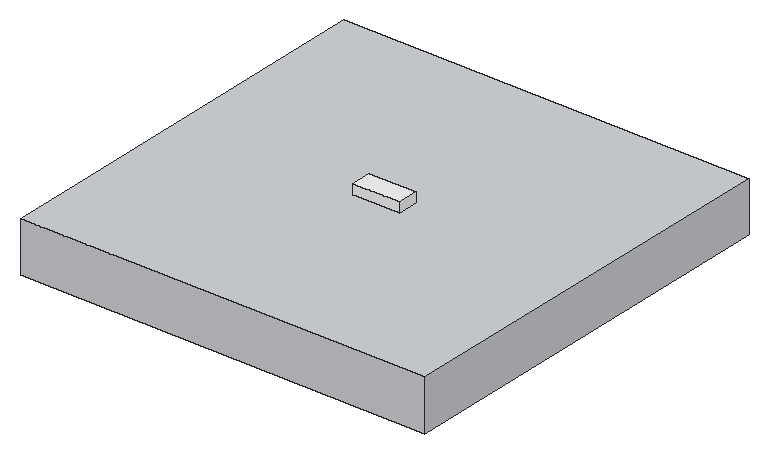
Revit family "URA_Eclairage_de_Securite_URAJET", category Luminaires, Revit 2020
Family settings
  Hôte = Face
  Cote de connecteur circulaire = Utiliser le diamètre
  Type d'élément = Normal
  Couper avec des vides une fois chargée = Non
  Source d'éclairage = Oui
  Partagée = Non
  Point de calcul de pièce = Non
Parameters (values of type "LSC URAONE Etanche Evacuation 110/230")
  built-in parameter 1150107 = 3000 (stored number, unit not read)
  TYPE_DE_TENSION = "CA"
  TYPE_DE_MONTAGE = "montage en saillie/encastrement"
  TYPE_DE_COMMUTATION = "circuit permanent/circuit de secours"
  TENSION_NOMINALE_(MIN) = "207"
  TENSION_NOMINALE_(MAX) = "253"
  SOURCE_LUMINEUSE = "LED non interchangeable"
  RESERVE_DE_MARCHE = "1"
  REF_BATTERIE_DE_RECHANGE = ""
  REFERENCE_ARTICLE = 122314
  Wattage = 9.2903 W
  built-in parameter 1150110 = 1 (stored number, unit not read)
  built-in parameter 1150109 = 1 (stored number, unit not read)
  built-in parameter 1114218 = 1 (stored number, unit not read)
  built-in parameter 1150113 = 1 (stored number, unit not read)
  built-in parameter 1150112 = 1 (stored number, unit not read)
  PUISSANCE_DE_LA_LAMPE = "4.5"
  PROFONDEUR_D'ENCASTREMENT = ""
  built-in parameter 1150137 = (empty or 0)
  built-in parameter 1150132 = 2
  MATERIAU_DU_COUVERCLE = "verre transparent"
  MATERIAU_DU_BOITIER = "plastique"
  LONGUEUR_D'ENCASTREMENT = ""
  LONGUEUR = "210"
  LARGEUR_DE_MONTAGE = ""
  LARGEUR = "110"
  built-in parameter 1150105 = 109.82 (stored number, unit not read)
  built-in parameter 1150102 = (empty or 0)
  INSTALLATION_DE_SURVEILLANCE = "sans"
  HAUTEUR/PROFONDEUR = "41"
  Dimming Lamp Color Temperature Shift = (empty or 0)
  Lumens = 1380 lm
  Color Filter = 16777215
  Fichier de distribution photométrique = "generic"
  built-in parameter 1114217 = 1 (stored number, unit not read)
  built-in parameter 1150139 = (empty or 0)
  FORMAT_PRODUIT = "rectangle"
  FONCTION = "Evac"
  FLUX_LUMINEUX_EN_MODE_D'URGENCE = "45"
  FLUX_LUMINEUX_EFFICACE = ""
  Default Elevation = 1219.2 mm
  built-in parameter 1150104 = 13.8 (stored number, unit not read)
  built-in parameter 1150106 = 1.0982 (stored number, unit not read)
  ETAT_DES_ACCUS = "non applicable"
  built-in parameter 1150115 = 1 (stored number, unit not read)
  built-in parameter 1150114 = 1 (stored number, unit not read)
  DUREE_DE_GARANTIE_BAES_COMPLET = "2"
  DISTANCE_DE_RECONNAISSANCE = ""
  DIAMETRE_EXTERNE = ""
  DIAMETRE_D'ENCASTREMENT = ""
  DESIGNATION_ARTICLE = "LSC URAONE Etanche Evacuation 110/230"
  built-in parameter 1150138 = (empty or 0)
  built-in parameter 1150134 = (empty or 0)
  Condition Générale d'Utilisation = "https://export.legrand.com/CGU-objets-BIM"
  COULEUR_DU_BOITIER = "gris"
  CLASSE_DE_PROTECTION_(IP) = "IP42"
  CLASSE_DE_PROTECTION = "II"
  CATEGORIE_PRODUIT = "LSC"
  built-in parameter 1150142 = (empty or 0)
  Angle de l'inclinaison = 60.00°
  ALIMENTATION = "central (batterie centrale)"
  ADAPTE_AU_TYPE_DE_MARQUAGE = "autocollant"
  built-in parameter 1150133 = 10 (stored number, unit not read)
Types (17, lengths in mm): name | TYPE_DE_TENSION | TYPE_DE_MONTAGE | TENSION_NOMINALE_(MIN) | TENSION_NOMINALE_(MAX) | RESERVE_DE_MARCHE | REF_BATTERIE_DE_RECHANGE | REFERENCE_ARTICLE | PUISSANCE_DE_LA_LAMPE | MATERIAU_DU_COUVERCLE | LONGUEUR | LARGEUR | INSTALLATION_DE_SURVEILLANCE | HAUTEUR/PROFONDEUR | FONCTION | FLUX_LUMINEUX_EN_MODE_D'URGENCE | ETAT_DES_ACCUS | DUREE_DE_GARANTIE_BAES_COMPLET | DISTANCE_DE_RECONNAISSANCE | DESIGNATION_ARTICLE | COULEUR_DU_BOITIER | CLASSE_DE_PROTECTION_(IP) | CATEGORIE_PRODUIT | ADAPTE_AU_TYPE_DE_MARQUAGE
  BAES URAONE Etanche évacuation SATI | "CA" | "pose murale en saillie" | "207" | "253" | "1" | "111906" | 111317 | "4.5" | "verre transparent" | "280" | "120" | "auto-test automatique" | "59.7" | "Evac" | "45" | "NiCd" | "2" | "" | "BAES URAONE Etanche évacuation SATI" | "blanc" | "IP55" | "Autonome" | "autocollant"
  BAES URAONE Etanche ambiance SATI | "CA" | "pose murale en saillie" | "207" | "253" | "1" | "111907" | 111327 | "32" | "verre transparent" | "280" | "120" | "auto-test automatique" | "59.7" | "Amb" | "320" | "NiCd" | "2" | "" | "BAES URAONE Etanche ambiance SATI" | "blanc" | "IP55" | "Autonome" | "autocollant"
  BAES URAONE Etanche bi-fonctions SATI | "CA" | "pose murale en saillie" | "207" | "253" | "1" | "2*111906" | 111347 | "4.5" | "verre transparent" | "280" | "120" | "auto-test automatique" | "59.7" | "BAES+BAEH" | "45" | "NiCd" | "2" | "" | "BAES URAONE Etanche bi-fonctions SATI" | "blanc" | "IP55" | "Autonome" | "autocollant"
  BAES URAONE Etanche habitation SATI | "CA" | "pose murale en saillie" | "207" | "253" | "1" | "111906" | 111337 | "0.8" | "verre transparent" | "280" | "120" | "auto-test automatique" | "59.7" | "BAEH" | "8" | "NiCd" | "2" | "" | "BAES URAONE Etanche habitation SATI" | "blanc" | "IP55" | "Autonome" | "autocollant"
  BAES URAONE Etanche évacuation AUTODIAG | "CA" | "pose murale en saillie" | "207" | "253" | "1" | "111906" | 111318 | "4.5" | "verre transparent" | "280" | "120" | "auto-test automatique" | "59.7" | "Evac" | "45" | "NiCd" | "2" | "" | "BAES URAONE Etanche évacuation AUTODIAG" | "blanc" | "IP55" | "Autonome" | "autocollant"
  BAES URAONE Etanche ambiance AUTODIAG | "CA" | "pose murale en saillie" | "207" | "253" | "1" | "111907" | 111328 | "32" | "verre transparent" | "280" | "120" | "auto-test automatique" | "59.7" | "Amb" | "320" | "NiCd" | "2" | "" | "BAES URAONE Etanche ambiance AUTODIAG" | "blanc" | "IP55" | "Autonome" | "autocollant"
  BAES URAONE Etanche évacuation ADR | "CA" | "pose murale en saillie" | "207" | "253" | "1" | "111906" | 112319 | "4.5" | "verre transparent" | "280" | "120" | "auto-test automatique" | "59.7" | "Evac" | "45" | "NiCd" | "2" | "" | "BAES URAONE Etanche évacuation ADR" | "blanc" | "IP55" | "Autonome" | "autocollant"
  BAES URAONE Etanche ambiance ADR | "CA" | "pose murale en saillie" | "207" | "253" | "1" | "111907" | 112329 | "32" | "verre transparent" | "280" | "120" | "auto-test automatique" | "59.7" | "Amb" | "320" | "NiCd" | "2" | "" | "BAES URAONE Etanche ambiance ADR" | "blanc" | "IP55" | "Autonome" | "autocollant"
  BAES URAONE Etanche bi-fonctions ADR | "CA" | "pose murale en saillie" | "207" | "253" | "1" | "2*111906" | 112349 | "4.5" | "verre transparent" | "280" | "120" | "auto-test automatique" | "59.7" | "BAES+BAEH" | "45" | "NiCd" | "2" | "" | "BAES URAONE Etanche bi-fonctions ADR" | "blanc" | "IP55" | "Autonome" | "autocollant"
  BAES URAONE Etanche habitation ADR | "CA" | "pose murale en saillie" | "207" | "253" | "1" | "111906" | 112339 | "0.8" | "verre transparent" | "280" | "120" | "auto-test automatique" | "59.7" | "BAEH" | "8" | "NiCd" | "2" | "" | "BAES URAONE Etanche habitation ADR" | "blanc" | "IP55" | "Autonome" | "autocollant"
  LSC URAONE Etanche Evacuation 24/48 | "CC" | "pose murale en saillie" | "24" | "48" | "1" | "" | 122315 | "4.5" | "verre transparent" | "280" | "120" | "sans" | "59.7" | "Evac" | "45" | "non applicable" | "2" | "" | "LSC URAONE Etanche Evacuation 24/48" | "gris" | "IP55" | "LSC" | "autocollant"
  LSC URAPROOF Evacuation 110/230 IP 55 | "CA/CC" | "pose murale en saillie" | "110" | "230" | "" | "" | 127314 | "0.8" | "plastique transparent" | "261.2" | "164.5" | "auto-test automatique" | "57" | "Evac" | "45" | "non applicable" | "4" | "15" | "LSC URAPROOF Evacuation 110/230 IP 55" | "blanc" | "IP55" | "LSC" | "autocollant"
  LSC URAONE Etanche Evacuation 110/230 | "CA" | "montage en saillie/encastrement" | "207" | "253" | "1" | "" | 122314 | "4.5" | "verre transparent" | "210" | "110" | "sans" | "41" | "Evac" | "45" | "non applicable" | "2" | "" | "LSC URAONE Etanche Evacuation 110/230" | "gris" | "IP42" | "LSC" | "autocollant"
  LSC URAPROOF Ambiance 24/48 IP 66 | "CC" | "pose murale en saillie" | "24" | "48" | "" | "" | 127225 | "6.6" | "plastique transparent" | "261.2" | "164.5" | "auto-test automatique" | "57" | "Amb" | "400" | "non applicable" | "4" | "15" | "LSC URAPROOF Ambiance 24/48 IP 66" | "blanc" | "IP66" | "LSC" | ""
  LSC URAPROOF Ambiance 110/230 IP 66 | "CA/CC" | "pose murale en saillie" | "110" | "230" | "" | "" | 127224 | "6.6" | "plastique transparent" | "261.2" | "164.5" | "auto-test automatique" | "57" | "Amb" | "400" | "non applicable" | "4" | "15" | "LSC URAPROOF Ambiance 110/230 IP 66" | "blanc" | "IP66" | "LSC" | ""
  LSC URAONE Etanche Ambiance 24/48 | "CC" | "pose murale en saillie" | "24" | "48" | "1" | "" | 122325 | "32" | "verre transparent" | "280" | "120" | "sans" | "59.7" | "Amb" | "320" | "non applicable" | "2" | "" | "LSC URAONE Etanche Ambiance 24/48" | "gris" | "IP55" | "LSC" | ""
  LSC URAONE Etanche Ambiance 110/230 | "CA" | "pose murale en saillie" | "207" | "253" | "1" | "" | 122324 | "32" | "verre transparent" | "280" | "120" | "sans" | "59.7" | "Amb" | "320" | "non applicable" | "2" | "" | "LSC URAONE Etanche Ambiance 110/230" | "gris" | "IP55" | "LSC" | ""
Reference planes
  plane 1 "Centre (avant/arrière)": y = 0
  plane 2: z = 0
  plane 3 "Centre (gauche/droite)": x = 0
  plane 4: x = -140
  plane 5: y = 60
  plane 6: y = -60
  plane 7: x = 140
Forms (mm)
  Extrusion 1, solid
    sketch origin (0, 0, 0) x (1, 0, 0) y (0, 1, 0)
      loop
        line (-1219.2, 1219.2) -> (-1219.2, -1219.2) -> (1219.2, -1219.2) -> (1219.2, 1219.2) -> (-1219.2, 1219.2)
    from 0 to -304.8
  Extrusion 2, solid, material "Blanc"
    sketch origin (0, 0, 0) x (1, 0, 0) y (0, 1, 0)
      loop
        line (-140, 60) -> (-140, -60) -> (140, -60) -> (140, 60) -> (-140, 60)
    from 0 to 59
Dimensions and locks
  equal spacing: plane 4, plane 3 "Centre (gauche/droite)", plane 7
  equal spacing: plane 5, plane 1 "Centre (avant/arrière)", plane 6
  locked: plane 5 to plane 6 at 120
  locked: plane 4 to plane 7 at 280
  aligned and locked: plane 2 to Extrusion 1
  aligned and locked: level to Extrusion 1
  aligned and locked: Extrusion 2 sketch curve to plane 5
  aligned and locked: plane 4 to Extrusion 2 sketch curve
  aligned and locked: plane 6 to Extrusion 2 sketch curve
  aligned and locked: Extrusion 2 sketch curve to plane 7
  aligned and locked: plane 3 "Centre (gauche/droite)" to nested 1
  aligned and locked: plane 1 "Centre (avant/arrière)" to nested 1
Automatic sketch dimensions
  Extrusion 1 sketch curve to Extrusion 1 sketch curve = 2438.4 mm  (x2)
Nested families
  nested 1: "1681808_Porte Pictogramme" at (0, 0, 59), type "1681808_Porte Pictogramme"
Connectors
  electrical at (0, 0, 0)
    settings: on Extrusion 2, index 1, voltage 0 V, apparent load 0 VA, apparent load phase1 0 VA, apparent load phase2 0 VA, apparent load phase3 0 VA, power factor 1, load classification "Autre", number of poles 1, system type 31, power factor state 1, is connector primary yes, connector utility no, sub classification motor no, connector description ""
Definition of nested family "1681808_Porte Pictogramme"
  Reference planes
    plane 1 "Centre (avant/arrière)": y = 0
    plane 2: z = 0
    plane 3 "Centre (gauche/droite)": x = 0
  Lines and regions (mm)
    Filled region 1, type "NOIR", in view "Niveau de réf."
      outline origin (0, 0, 0) x (1, 0, 0) y (0, 1, 0)
        loop
          line (103, 52.5) -> (-103, 52.5) -> (-103, -52.5) -> (103, -52.5) -> (103, 52.5)
        loop
          line (98, 47.5) -> (-98, 47.5) -> (-98, -47.5) -> (98, -47.5) -> (98, 47.5)
    model lines, in view "Niveau de réf."
      curve 1: line (103, -52.5, 0) -> (103, 52.5, 0)
      curve 2: line (103, 52.5, 0) -> (-103, 52.5, 0)
      curve 3: line (-103, 52.5, 0) -> (-103, -52.5, 0)
      curve 4: line (-103, -52.5, 0) -> (103, -52.5, 0)
    detail lines, in view "Niveau de réf."
      curve 5: line (98, 47.5, 0) -> (-98, 47.5, 0)
      curve 6: line (-98, 47.5, 0) -> (-98, -47.5, 0)
      curve 7: line (-98, -47.5, 0) -> (98, -47.5, 0)
      curve 8: line (98, -47.5, 0) -> (98, 47.5, 0)
